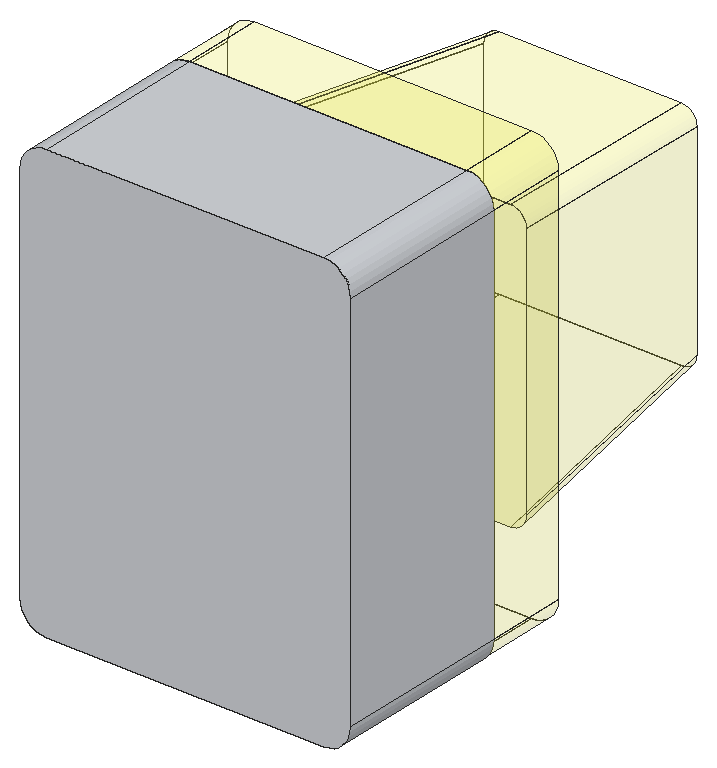
Revit family "Domotics-DomesticRanges-GEWISS-27COMBI_SYSTEM-IP55_FLASHLIGHTS", category Apparecchi elettrici, host Muro, Revit 2016
Family settings
  Host = Muro
  Mantenere orientamento annotazione = No
  Tipo di parte = Normale
  Quota connettore circolare = Usa diametro
  Numero OmniClass = 23.80.50.00
  Titolo OmniClass = Terminals for Power Supply
  Sempre verticale = Sì
  Taglio con vuoti quando caricato = No
  Condiviso = No
  Punto di calcolo locali = No
Parameters (values of type "GW27424 - 230V yellow electr.flashlight")
  Version file RFA = "18.0"
  URL = "https://www.gewiss.com/ww/en"
  Thermo-pressure with ball = "70 °C"
  Technical sheet = "https://www.gewiss.com/ww/en/search?q=GW27424"
  Standard = "EN 60598-1"
  Realized by GEWISS S.p.A. = ""
  Rated voltage = "230V ac"
  Produttore = "GEWISS S.p.A."
  Power = "Max 25W"
  Outer dim. LxHxD (mm) = "66x82x95"
  NUMERO DI POLI = 1
  Modello = "GW27424"
  Lampholder type = "E14"
  Insulation class = "II"
  Installation temperature = "-25 +60 °C"
  Immagine tipo = GW27424.jpg
  IP degree = "IP55"
  IFC.TypeObject = ""
  IFC.ExportType = ""
  IFC.ExportAs = ""
  IDT = "642694f6-aaf2-4b3c-9aa4-08d332f019c7"
  IDF = "ec85d665-b2b6-4258-8af3-fa800f1490ef"
  Glow Wire Test = "650°C"
  Flash frequency = "1HZ"
  Electrocod = "0132                "
  EAN code = "8011564056251"
  Diffuser colour = "Yellow"
  Descrizione = "230V YELLOW ELECTR.FLASHLIGHT"
  Colour = "Grey RAL 7035"
  Colore diffusore = GEWISS VETRINO GIALLO
  Catalogue Range = "27COMBI"
  Catalogue = "DOMOTICS"
  COBie.Tagnumber = ""
  COBie.CreatedOn = ""
  COBie.CreatebBy = ""
  COBie.ComponentRegisterItemID = ""
  COBie.Component.TagNumber = ""
  COBie.Component.Space = ""
  COBie.Component.SerialNumber = ""
  COBie.Component.InstallationDate = ""
  COBie.Component.Description = ""
  COBie.Component.BarCode = ""
Types (4, lengths in mm): name | Technical sheet | Rated voltage | Modello | Immagine tipo | IDT | EAN code | Diffuser colour | Descrizione | Colore diffusore
  GW27421 - 24V red electr.flashlight | "https://www.gewiss.com/ww/en/search?q=GW27421" | "24 V ac" | "GW27421" | GW27421.jpg | "4bacc2bc-bb29-49bd-89a8-dfd9f12b5754" | "8011564056220" | "Red" | "24V RED ELECTR.FLASHLIGHT" | GEWISS VETRINO ROSSO
  GW27422 - 230V red electronic flashlight | "https://www.gewiss.com/ww/en/search?q=GW27422" | "230V ac" | "GW27422" | GW27422.jpg | "bfe79dce-ffc0-4ee5-8ada-e052acb498f8" | "8011564056237" | "Red" | "230V RED ELECTRONIC FLASHLIGHT" | GEWISS VETRINO ROSSO
  GW27423 - 24V yellow electr.flashlight | "https://www.gewiss.com/ww/en/search?q=GW27423" | "24 V ac" | "GW27423" | GW27423.jpg | "4437e4ca-9338-4f7c-8297-bd73045aeb0a" | "8011564056244" | "Yellow" | "24V YELLOW ELECTR.FLASHLIGHT" | GEWISS VETRINO GIALLO
  GW27424 - 230V yellow electr.flashlight | "https://www.gewiss.com/ww/en/search?q=GW27424" | "230V ac" | "GW27424" | GW27424.jpg | "642694f6-aaf2-4b3c-9aa4-08d332f019c7" | "8011564056251" | "Yellow" | "230V YELLOW ELECTR.FLASHLIGHT" | GEWISS VETRINO GIALLO
Reference planes
  plane 1 "Muro": y = 0
  plane 2 "Centro (Sinistra/Destra)": x = 125
  plane 3 "Indietro": y = 75
  plane 4: x = 156
  plane 5: x = 94
  plane 6: z = 1127
  plane 7: z = 1045
  plane 8: y = 123.744
  plane 9: x = 156
  plane 10: x = 94
  plane 11: y = 170
  plane 12: y = 108.5
Forms (mm)
  Extrusion 1, solid
    sketch origin (0, 0, -900) x (1, 0, 0) y (0, 0, 1)
      loop
        line (151, 2027) -> (99, 2027)
        arc (99, 2027) -> (95.464, 2025.536) -> (94, 2022) r 5
        line (94, 2022) -> (94, 1950)
        arc (94, 1950) -> (95.464, 1946.464) -> (99, 1945) r 5
        line (99, 1945) -> (151, 1945)
        arc (151, 1945) -> (154.536, 1946.464) -> (156, 1950) r 5
        line (156, 1950) -> (156, 2022)
        arc (156, 2022) -> (154.536, 2025.536) -> (151, 2027) r 5
    from -108.5 to -75
  Blend 2, solid, material "GEWISS VETRINO GIALLO" <- "Colore diffusore"
    base sketch origin (0.321, 0, 0.049) x (1, 0, 0) y (0, 0, 1)
      loop
        line (146.679, 1113.156) -> (102.679, 1113.156)
        arc (102.679, 1113.156) -> (100.557, 1112.278) -> (99.679, 1110.156) r 3
        line (99.679, 1110.156) -> (99.679, 1061.949)
        arc (99.679, 1061.949) -> (100.557, 1059.827) -> (102.679, 1058.949) r 3
        line (102.679, 1058.949) -> (146.679, 1058.949)
        arc (146.679, 1058.949) -> (148.8, 1059.827) -> (149.679, 1061.949) r 3
        line (149.679, 1061.949) -> (149.679, 1110.156)
        arc (149.679, 1110.156) -> (148.8, 1112.278) -> (146.679, 1113.156) r 3
    top sketch origin (0.321, 0, 0.049) x (1, 0, 0) y (0, 0, 1)
      loop
        line (107.679, 1063.949) -> (141.679, 1063.949)
        arc (141.679, 1063.949) -> (143.8, 1064.827) -> (144.679, 1066.949) r 3
        line (144.679, 1066.949) -> (144.679, 1105.156)
        arc (144.679, 1105.156) -> (143.8, 1107.278) -> (141.679, 1108.156) r 3
        line (141.679, 1108.156) -> (107.679, 1108.156)
        arc (107.679, 1108.156) -> (105.557, 1107.278) -> (104.679, 1105.156) r 3
        line (104.679, 1105.156) -> (104.679, 1066.949)
        arc (104.679, 1066.949) -> (105.557, 1064.827) -> (107.679, 1063.949) r 3
    from -123.744 to -170
  Extrusion 3, solid, material "GEWISS VETRINO GIALLO" <- "Colore diffusore"
    sketch origin (0, 33.744, -900) x (1, 0, 0) y (0, 0, 1)
      loop
        line (151, 2027) -> (99, 2027)
        arc (99, 2027) -> (95.464, 2025.536) -> (94, 2022) r 5
        line (94, 2022) -> (94, 1950)
        arc (94, 1950) -> (95.464, 1946.464) -> (99, 1945) r 5
        line (99, 1945) -> (151, 1945)
        arc (151, 1945) -> (154.536, 1946.464) -> (156, 1950) r 5
        line (156, 1950) -> (156, 2022)
        arc (156, 2022) -> (154.536, 2025.536) -> (151, 2027) r 5
    from -90 to -74.756
Lines and regions (mm)
  model lines, detail levels fine
    curve 1: circle (151.667, 123.744, 1121.055) r 3.453 normal (0, -1, 0)
    curve 2: circle (151.667, 123.744, 1121.055) r 1.602 normal (0, -1, 0)
    curve 3: circle (98.333, 123.744, 1121.055) r 3.453 normal (0, 1, 0)
    curve 4: circle (98.333, 123.744, 1121.055) r 1.602 normal (0, 1, 0)
    curve 5: circle (151.667, 123.744, 1051.148) r 3.453 normal (0, 1, 0)
    curve 6: circle (151.667, 123.744, 1051.148) r 1.602 normal (0, 1, 0)
    curve 7: circle (98.333, 123.744, 1051.148) r 3.453 normal (0, -1, 0)
    curve 8: circle (98.333, 123.744, 1051.148) r 1.602 normal (0, -1, 0)
    curve 9: circle (156, 91.791, 1086) r 11.432 normal (1, 0, 0)
    curve 10: line (156, 108.5, 1072.095) -> (156, 75, 1072.095)
    curve 11: line (156, 108.5, 1099.905) -> (156, 75.244, 1099.905)
    curve 12: circle (94, 91.791, 1086) r 11.432 normal (1, 0, 0)
    curve 13: line (94, 108.5, 1072.095) -> (94, 75, 1072.095)
    curve 14: line (94, 108.5, 1099.905) -> (94, 75.244, 1099.905)
Text (mm)
  text "Lato posizionamento" at (-1848.837, 1116.779, 0), in view "Livello rif."
  text "Lato posizionamento" at (0, 1409.804, 2854.306), in view "Sinistra"
  text "Lato posizionamento" at (0, 499.811, 2980.732), in view "Destra"
Dimensions and locks
  locked: plane 3 "Indietro" to host wall
  locked: plane 5 to plane 4 at 62
  equal spacing: plane 5, plane 2 "Centro (Sinistra/Destra)", plane 4
  locked: plane 7 to plane 6 at 82
  locked: plane 3 "Indietro" to plane 11 at 95
  locked: plane 3 "Indietro" to plane 8 at 48.744
  plane 3 "Indietro" to plane 12 = 33.5 mm
  aligned and locked: plane 1 "Muro" to host wall
  aligned and locked: plane 4 to Extrusion 1 sketch curve
  aligned and locked: Extrusion 1 sketch curve to plane 5
  aligned and locked: Extrusion 1 sketch curve to plane 6
  aligned and locked: plane 7 to Extrusion 1 sketch curve
  aligned and locked: plane 3 "Indietro" to Extrusion 1
  aligned and locked: Blend 2 to plane 11
  aligned and locked: plane 8 to Blend 2
  aligned and locked: plane 12 to Extrusion 1
  aligned and locked: Extrusion 3 to plane 12
  aligned and locked: Extrusion 3 to plane 8
Automatic sketch dimensions
  Extrusion 1 sketch curve to plane 5 = 5 mm  (x2)
  plane 4 to Extrusion 1 sketch curve = 5 mm
  Extrusion 1 sketch curve to Extrusion 1 sketch curve = 5 mm
  Blend 2 sketch curve to plane 5 = 6 mm
  Blend 2 sketch curve to Blend 2 sketch curve = 3 mm  (x6)
  plane 4 to Blend 2 sketch curve = 9 mm  (x2)
  plane 7 to Blend 2 sketch curve = 13.998 mm
  Blend 2 sketch curve to plane 6 = 16.795 mm
  Blend 2 sketch curve to plane 5 = 11 mm
  plane 4 to Blend 2 sketch curve = 14 mm  (x2)
  plane 7 to Blend 2 sketch curve = 18.998 mm
  Blend 2 sketch curve to plane 6 = 21.795 mm
  plane 5 to Extrusion 3 sketch curve = 0 mm
  Extrusion 3 sketch curve to plane 6 = 0 mm
  Extrusion 3 sketch curve to plane 7 = 0 mm
  plane 4 to Extrusion 3 sketch curve = 0 mm
  Extrusion 3 sketch curve to plane 5 = 5 mm  (x2)
  plane 4 to Extrusion 3 sketch curve = 5 mm
  Extrusion 3 sketch curve to Extrusion 3 sketch curve = 5 mm
  curve 1 to curve 2 = 0 mm  (x2)
  curve 3 to curve 4 = 0 mm  (x2)
  curve 5 to curve 6 = 0 mm  (x2)
  curve 7 to curve 8 = 0 mm  (x2)
  Extrusion 3 to curve 7 = 4.333 mm
  Extrusion 3 to curve 3 = 4.333 mm
  Extrusion 3 to curve 6 = 4.333 mm
  Extrusion 3 to curve 2 = 4.333 mm
  Extrusion 3 to curve 7 = 6.148 mm
  Extrusion 3 to curve 6 = 6.148 mm
  Extrusion 3 to curve 4 = 5.945 mm
  Extrusion 3 to curve 2 = 5.945 mm
  curve 14 to Extrusion 1 = 0 mm
  curve 13 to Extrusion 1 = 0 mm  (x2)
  Extrusion 1 to curve 12 = 16.709 mm
  curve 12 to Extrusion 1 = 36 mm
  curve 14 to curve 12 = 13.905 mm
  curve 12 to curve 13 = 13.905 mm
  Extrusion 1 to curve 14 = 0.244 mm
  curve 10 to Extrusion 1 = 0 mm  (x2)
  curve 11 to Extrusion 1 = 0 mm
  Extrusion 1 to curve 9 = 16.709 mm
  curve 9 to Extrusion 1 = 36 mm
  curve 10 to curve 9 = 13.905 mm
  Extrusion 1 to curve 11 = 0.244 mm
  curve 9 to curve 11 = 13.905 mm
  radius of curve 1 = 3.453 mm
  radius of curve 2 = 1.602 mm
  radius of curve 3 = 3.453 mm
  radius of curve 4 = 1.602 mm
  radius of curve 5 = 3.453 mm
  radius of curve 6 = 1.602 mm
  radius of curve 7 = 3.453 mm
  radius of curve 8 = 1.602 mm
  radius of curve 12 = 11.432 mm
  radius of curve 9 = 11.432 mm
Connectors
  electrical at (125, 91.75, 1127), driven by "NUMERO DI POLI"
    settings: on Extrusion 1, index 1, voltage 0 V, apparent load 0 VA, apparent load phase1 0 VA, apparent load phase2 0 VA, apparent load phase3 0 VA, power factor 1, load classification "Altro", number of poles 1, system type 31, power factor state 1, is connector primary yes, connector utility no, sub classification motor no, connector description ""
